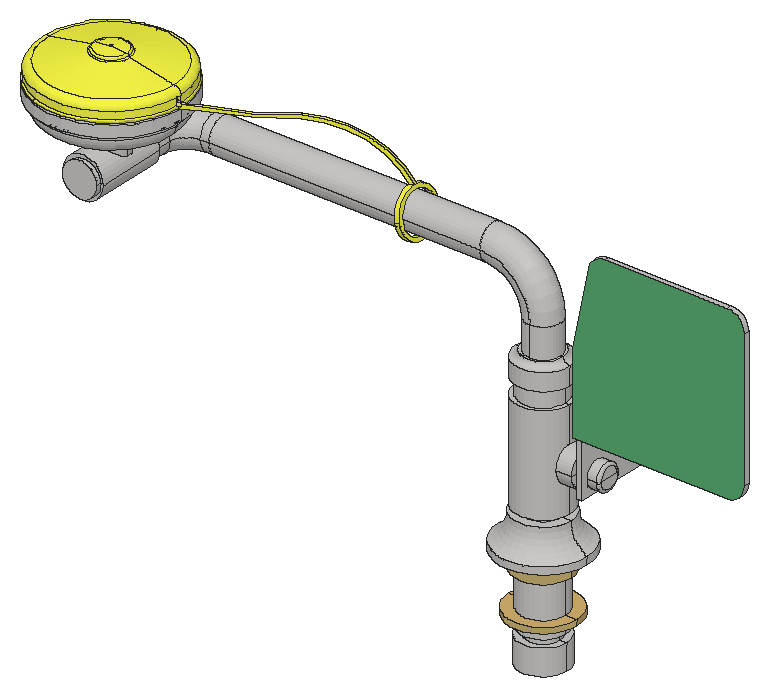
Revit family "Emergency_Equipment-Haws_Corporation-Laboratory_Eyewash_7612 new", category Plumbing Fixtures, Revit 2015
Parameters (values of type "7612")
  WFU = 1  # constant formula
  Version = "2014-v2.0a"  # constant formula
  URL = "http://www.hawsco.com/"
  Type Comments = "Lab units are installed in accessible sink locations "
  Swing Arms = Metal - Haws Corporation - High Polished Stainless Steel
  Supply Radius = 1/4"
  Series = "Twin Soft-Flo™ heads "  # constant formula
  Product Page URL = "http://www.hawsco.com/laboratory-eyewash-unit"
  Product Documentation Link = "https://www.hawsco.com/downloads/dl/file/id/15406/product/345/haws_model_7612_specsheet_pdf.pdf"
  Model = "7612"
  Metal = Metal - Haws Corporation - High Polished Stainless Steel
  Max. Thick = 1 1/8"  # constant formula
  Material = ""
  Manufacturer Email = "mailto:techsupport@hawsco.com"
  Manufacturer = "Haws Corporation"  # constant formula
  Keynote = "15400"
  Head Height = 8 3/8"  # constant formula
  HWFU = 1  # constant formula
  Flow = 6 GPM
  Duct Covers = Plastic - Haws Corporation - Yellow Dust Cover - 9091
  Description = "Dust covers allow to stay protected from debris when not in use"
  Cost Note = "For Cost information please visit the Resource tab in the Product Page URL"  # constant formula
  Cost = 0
  Copyright = "©2016 Haws"  # constant formula
  CWFU = 1  # constant formula
  Assembly Code = "D2010610"
  Arm Length = 12 1/4"  # constant formula
Reference planes (in)
  plane 1 "Center (Front/Back)": y = 0
  plane 2: z = 0
  plane 3 "Center (Left/Right)": x = 0
  plane 4: z = 1.88823
  plane 5 "Bowl": y = -1.89243
Forms (in)
  Revolve 1, solid, material "Metal - Haws Corporation - High Polished Stainless Steel" <- "Swing Arms"
    sketch origin (0, 0, 0) x (1, 0, 0) y (0, 0, 1)
      loop
        line (8, -2.25) -> (8.53125, -2.25) -> (8.53125, -1.6875) -> (8.37475, -1.6875) -> (8.37475, -1.53125) -> (8.5, -1.53125) -> (8.5, -1.28125) -> (8.75, -1.28125) -> (8.75, -1.15625) -> (8.5, -1.15625) -> (8.5, -0.37499) -> (8.625, -0.37499) -> (8.625, -0.1875) -> (8.4375, -0.1875) -> (8.4375, 0) -> (8.96875, 0) -> (8.96875, 0.15625)
        arc (8.96875, 0.15625) -> (8.70699, 0.40109) -> (8.625, 0.75) r 0.61842
        line (8.625, 0.75) -> (8.41892, 0.75) -> (8.41892, 0.875) -> (8.5935, 0.875) -> (8.5935, 3.035) -> (8.5, 3.035) -> (8.5, 3.41) -> (8.5935, 3.41) -> (8.5935, 3.78498)
        arc (8.5935, 3.78498) -> (8.49122, 3.81719) -> (8.4375, 3.91) r 0.14806
        line (8.4375, 3.91) -> (8, 3.91) -> (8, -2.25)
      axis (8, 3.91) -> (8, -2.25)
    angle from 0 to 360
  Extrusion 2, solid, material "Metal - Haws Corporation - High Polished Stainless Steel" <- "Swing Arms", detail levels fine
    sketch origin (8.0125, 8.49388, -32.36177) x (0, 1, 0) y (0, 0, 1)
      loop
        arc (-8.2604, 36.7654) -> (-8.38198, 36.84652) -> (-8.52533, 36.875) r 0.375
        line (-8.52533, 36.875) -> (-8.899, 36.875) -> (-8.899, 33.875) -> (-6.995, 33.875)
        arc (-6.995, 33.875) -> (-6.72984, 33.98483) -> (-6.62, 34.25) r 0.375
        line (-6.62, 34.25) -> (-6.62, 34.96967)
        arc (-6.62, 34.96967) -> (-6.64858, 35.11325) -> (-6.72996, 35.23496) r 0.375
        line (-6.72996, 35.23496) -> (-8.2604, 36.7654)
      loop
        circle (-6.85, 34.95) r 0.14
      loop
        circle (-6.985, 34.25) r 0.2125
      loop
        circle (-8.495, 34.25) r 0.28001
    from 1.06 to 1.165
  Extrusion 3, solid, material "Metal - Haws Corporation - High Polished Stainless Steel" <- "Swing Arms", detail levels fine
    sketch origin (22.91181, -3.00604, -32.36177) x (1, 0, 0) y (0, 0, 1)
      loop
        arc (-10.44448, 35.125) -> (-10.1791, 35.23487) -> (-10.06931, 35.50028) r 0.375
        line (-10.06931, 35.50028) -> (-10.06931, 38.49972)
        arc (-10.06931, 38.49972) -> (-10.17915, 38.76518) -> (-10.44462, 38.875) r 0.375
        line (-10.44462, 38.875) -> (-13.15183, 38.875)
        arc (-13.15183, 38.875) -> (-13.34086, 38.82368) -> (-13.47824, 38.68406) r 0.375
        line (-13.47824, 38.68406) -> (-13.83931, 36.875) -> (-13.83931, 35.125) -> (-10.44448, 35.125)
    from -2.60092 to -2.49592
  Revolve 4, solid, material "Metal - Haws Corporation - High Polished Stainless Steel" <- "Metal", detail levels fine
    sketch origin (23.01681, 8.49388, 1.88823) x (-1, 0, 0) y (0, -1, 0)
      loop
        line (14.07931, 8.116) -> (14.42411, 8.116) -> (14.42411, 8.495) -> (13.55931, 8.495) -> (13.55931, 8.27499)
        arc (13.55931, 8.27499) -> (13.57688, 8.23256) -> (13.61931, 8.21499) r 0.06
        line (13.61931, 8.21499) -> (14.02931, 8.21499) -> (14.02931, 8.295) -> (14.07931, 8.295) -> (14.07931, 8.116)
      axis (13.55931, 8.495) -> (14.42411, 8.495)
    angle from 0 to 360
  Sweep 5, solid, material "Metal - Haws Corporation - High Polished Stainless Steel" <- "Swing Arms"
    path origin (0, 0, 0) x (1, 0, 0) y (0, 0, 1)
      loop
        line (0.9375, 5.66) -> (6.89782, 5.66)
        arc (6.89782, 5.66) -> (7.67718, 5.33718) -> (8, 4.55782) r 1.10218
        line (8, 4.55782) -> (8, 3.91)
    profile origin (3.91766, 0, 5.66) x (0, 0, 1) y (0, -1, 0)
      loop
        circle (0, 0) r 0.375
  Sweep 6, solid, material "Metal - Haws Corporation - High Polished Stainless Steel" <- "Swing Arms"
    path origin (0, 0, 5.66) x (1, 0, 0) y (0, 1, 0)
      loop
        line (1.11646, 0) -> (0.75, 0)
        arc (0.75, 0) -> (0.21967, -0.21967) -> (0, -0.75) r 0.75
        line (0, -0.75) -> (0, -2.75)
    profile origin (0, -1.75, 5.66) x (1, 0, 0) y (0, 0, 1)
      loop
        circle (0, 0) r 0.375
  Extrusion 7, solid, material "Metal - Haws Corporation - High Polished Stainless Steel" <- "Swing Arms"
    sketch origin (0, -3, 0) x (-1, 0, 0) y (0, 0, 1)
      loop
        circle (0, 5.66) r 0.44621
    from 0.34281 to 1.87232
  Revolve 8, solid, material "Metal - Haws Corporation - High Polished Stainless Steel" <- "Metal", detail levels medium+fine
    sketch origin (0, -1.89243, 0) x (-1, 0, 0) y (0, 0, 1)
      loop
        arc (-0.5, 6.54371) -> (-0.41161, 6.5071) -> (-0.375, 6.41871) r 0.125
        line (-0.375, 6.41871) -> (-0.375, 5.66) -> (-0.3125, 5.66) -> (-0.3125, 6.41871)
        arc (-0.3125, 6.41871) -> (-0.36742, 6.55129) -> (-0.5, 6.60621) r 0.1875
        line (-0.5, 6.60621) -> (-1.125, 6.60621)
        arc (-1.125, 6.60621) -> (-1.30178, 6.67944) -> (-1.375, 6.85621) r 0.25
        arc (-1.375, 6.85621) -> (-1.40941, 6.96446) -> (-1.5, 7.03299) r 0.1875
        line (-1.5, 7.03299) -> (-1.5, 7.23121)
        arc (-1.5, 7.23121) -> (-1.53125, 7.26246) -> (-1.5625, 7.23121) r 0.03125
        line (-1.5625, 7.23121) -> (-1.5625, 6.98121)
        arc (-1.5625, 6.98121) -> (-1.47411, 6.9446) -> (-1.4375, 6.85621) r 0.125
        arc (-1.4375, 6.85621) -> (-1.34597, 6.63524) -> (-1.125, 6.54371) r 0.3125
        line (-1.125, 6.54371) -> (-0.5, 6.54371)
      axis (0, 5.66) -> (0, 7.23121)
    angle from 0 to 360
  Revolve 9, solid, material "Plastic - Haws Corporation - Yellow Dust Cover - 9091" <- "Duct Covers", detail levels fine
    sketch origin (0, -1.89243, 0) x (-1, 0, 0) y (0, 0, 1)
      loop
        line (0, 7.26231) -> (0, 7.32481) -> (-1.46932, 7.32481) -> (-1.46932, 7.48106)
        arc (-1.46932, 7.48106) -> (-1.43998, 7.54918) -> (-1.37033, 7.57466) r 0.09375
        line (-1.37033, 7.57466) -> (-0.39924, 7.76262)
        arc (-0.39924, 7.76262) -> (-0.34866, 7.78253) -> (-0.31763, 7.82717) r 0.09375
        line (-0.31763, 7.82717) -> (0, 7.85893) -> (0, 7.90293)
        arc (0, 7.90293) -> (-0.01368, 7.91529) -> (-0.03182, 7.91856) r 0.03357
        line (-0.03182, 7.91856) -> (-0.34432, 7.88731)
        arc (-0.34432, 7.88731) -> (-0.36641, 7.87816) -> (-0.37557, 7.85606) r 0.03125
        arc (-0.37557, 7.85606) -> (-0.38472, 7.83396) -> (-0.40682, 7.82481) r 0.03125
        line (-0.40682, 7.82481) -> (-1.37557, 7.63731)
        arc (-1.37557, 7.63731) -> (-1.48605, 7.59154) -> (-1.53182, 7.48106) r 0.15625
        line (-1.53182, 7.48106) -> (-1.53182, 7.32481)
        arc (-1.53182, 7.32481) -> (-1.56307, 7.29356) -> (-1.53182, 7.26231) r 0.03125
        line (-1.53182, 7.26231) -> (0, 7.26231)
      axis (0, 7.26231) -> (0, 7.91856)
    angle from 0 to 360
  Extrusion 10, solid, material "Plastic - Haws Corporation - Yellow Dust Cover - 9091" <- "Duct Covers", detail levels fine
    sketch origin (0.4116, 0, -0.84283) x (0, 1, 0) y (-0.156434, 0, 0.987688)
      loop
        circle (0, 5.66) r 0.44621
      loop
        circle (0, 5.66) r 0.52434
    from 5.70023 to 5.80768
  Extrusion 11, solid, material "Plastic - Haws Corporation - Yellow Dust Cover - 9091" <- "Duct Covers", detail levels fine
    sketch origin (0.18339, -2.70783, 0) x (-0.87462, -0.48481, 0) y (0, 0, 1)
      loop
        line (-1.52235, 7.27011) -> (-1.52235, 7.48821)
        arc (-1.52235, 7.48821) -> (-1.56697, 7.38559) -> (-1.67245, 7.34824) r 0.14031
        line (-1.67245, 7.34824) -> (-1.95722, 7.34824)
        arc (-1.95722, 7.34824) -> (-2.8273, 7.29474) -> (-3.69738, 7.34821) r 7.10368
        arc (-3.69738, 7.34821) -> (-4.8719, 7.02418) -> (-5.70046, 6.13089) r 2.22849
        line (-5.70046, 6.13089) -> (-5.63084, 6.09544)
        arc (-5.63084, 6.09544) -> (-4.83323, 6.95626) -> (-3.70243, 7.27011) r 2.15036
        arc (-3.70243, 7.27011) -> (-2.82743, 7.21661) -> (-1.95243, 7.27011) r 7.1818
        line (-1.95243, 7.27011) -> (-1.52235, 7.27011)
    from 0.03125 to -0.03125
Cuts and joins
  joined: Sweep 5, Sweep 6
Lines and regions (in)
  Masking region 1, detail levels medium+fine
    outline origin (0, 0, 0) x (1, 0, 0) y (0, 1, 0)
      loop
        circle (8, 0) r 0.96875
  Masking region 2, detail levels medium+fine
    outline origin (0, 0, 0) x (1, 0, 0) y (0, 1, 0)
      loop
        line (7.10799, 0.37788) -> (0.6875, 0.37788)
        arc (0.6875, 0.37788) -> (0.05936, 0.17248) -> (-0.32608, -0.36434) r 1.06319
        arc (-0.32608, -0.36434) -> (0.11575, -0.33423) -> (0.54829, -0.42929) r 1.5625
        arc (0.54829, -0.42929) -> (0.64168, -0.38777) -> (0.7429, -0.37357) r 0.36767
        line (0.7429, -0.37357) -> (7.10617, -0.37357)
        arc (7.10617, -0.37357) -> (7.03125, 0.00234) -> (7.10799, 0.37788) r 0.96875
  Masking region 3, detail levels medium+fine
    outline origin (0, 0, 0) x (1, 0, 0) y (0, 1, 0)
      loop
        circle (0, -1.89243) r 1.5625
  symbolic lines, style "Symbolic Line", detail levels coarse
    curve 1: circle (8, 0, 0) r 0.96875 normal (0, 0, 1)
    curve 2: line (7.03125, 0, 0) -> (0.60248, 0, 0)
    curve 3: line (0, -0.60248, 0) -> (0, -2.75, 0)
    curve 4: arc (0.60248, 0, 0) -> (0.17646, -0.17646, 0) -> (0, -0.60248, 0) r 0.60248
  symbolic lines, style "Symbolic Line", detail levels fine
    curve 5: line (9.0725, 1.78388, 0) -> (9.0725, -0.51012, 0)
    curve 6: line (9.0725, -0.51012, 0) -> (12.8425, -0.51012, 0)
    curve 9: circle (0, -1.89243, 0) r 0.375 normal (0, 0, 1)
    curve 10: line (9.0725, 1.87388, 0) -> (9.0725, -0.51012, 0)
    curve 11: line (9.1775, -0.40512, 0) -> (9.1775, 1.87388, 0)
    curve 12: line (9.0725, -0.51012, 0) -> (12.8425, -0.51012, 0)
    curve 13: line (12.8425, -0.40512, 0) -> (9.1775, -0.40512, 0)
    curve 14: line (12.8425, -0.40512, 0) -> (12.8425, -0.51012, 0)
    curve 15: line (9.0725, 1.87388, 0) -> (9.1775, 1.87388, 0)
    curve 16: line (8.9375, 0.27889, 0) -> (9.45879, 0.27889, 0)
    curve 17: line (8.9375, -0.28113, 0) -> (9.45879, -0.28113, 0)
    curve 18: line (9.45879, 0.27889, 0) -> (9.45879, -0.28113, 0)
    curve 19: line (4.33006, -0.37357, 0) -> (1.56243, -1.90769, 0)
    curve 20: line (4.45898, -0.37357, 0) -> (1.56002, -1.98049, 0)
  symbolic lines, style "Symbolic Line", detail levels medium+fine
    curve 7: circle (8, 0, 0) r 0.625 normal (0, 0, 1)
    curve 8: circle (0, -1.89243, 0) r 1.5625 normal (0, 0, 1)
Dimensions and locks (in)
  locked: Extrusion 7 sketch curve to plane 3 "Center (Left/Right)" at 0
  locked: Extrusion 7 sketch curve to level at 5.66
  locked: plane 1 "Center (Front/Back)" to plane 5 "Bowl" at 1.89243
  Revolve 1 sketch curve to plane 2 to Revolve 1 sketch curve = 2 1/4" locked, 3.91" locked
  Revolve 1 sketch curve to Revolve 1 sketch curve to Revolve 1 sketch curve to Revolve 1 sketch curve to plane 3 "Center (Left/Right)" = 0.06225" locked, 3/32" locked, 7/16" locked, 8" locked
  locked: plane 1 "Center (Front/Back)" to Revolve 1 sketch curve at 0
  Revolve 1 sketch curve to Revolve 1 sketch curve to Revolve 1 sketch curve to Revolve 1 sketch curve to Revolve 1 sketch curve to plane 3 "Center (Left/Right)" = 7/32" locked, 0.1565" locked, 0.5935" locked, 0" locked, 8" locked
  locked: plane 3 "Center (Left/Right)" to Extrusion 2 sketch curve at 8.0125
  Extrusion 2 sketch curve to plane 1 "Center (Front/Back)" to Extrusion 2 sketch curve = 0.40512" locked, 1.87388" locked
  Extrusion 2 sketch curve to Extrusion 2 sketch curve to plane 2 = 2.8904" locked, 1.51323" locked
  Extrusion 2 sketch curve to plane 4 to Extrusion 2 sketch curve = 2 5/8" locked, 3/8" locked
  plane 3 "Center (Left/Right)" to Extrusion 3 sketch curve to Extrusion 3 sketch curve = 9.0725" locked, 3.77" locked
  locked: Extrusion 3 sketch curve to plane 1 "Center (Front/Back)" at 3.00604
  plane 3 "Center (Left/Right)" to Extrusion 3 sketch curve to Extrusion 3 sketch curve = 9.76029" locked, 2.70721" locked
  plane 2 to Extrusion 3 sketch curve to Extrusion 3 sketch curve = 2.76323" locked, 3 3/4" locked
  Extrusion 3 sketch curve to Extrusion 3 sketch curve to plane 3 "Center (Left/Right)" = 3.77" locked, 9.0725" locked
  plane 4 to Extrusion 3 sketch curve to Extrusion 3 sketch curve to Extrusion 3 sketch curve to Extrusion 3 sketch curve to Extrusion 3 sketch curve to Extrusion 3 sketch curve to Extrusion 3 sketch curve to Extrusion 3 sketch curve = 7/8" locked, 0" locked, 3/8" locked, 1 3/8" locked, 1 5/8" locked, 0" locked, 3/8" locked, 0" locked
  Extrusion 3 sketch curve to Extrusion 3 sketch curve to plane 2 = 3 3/4" locked, 2.76323" locked
  locked: plane 5 "Bowl" to Extrusion 3 sketch curve at 1.11361
  plane 1 "Center (Front/Back)" to Extrusion 3 sketch curve to Extrusion 3 sketch curve = 3.00604" locked, 0" locked
  Extrusion 3 sketch curve to Extrusion 3 sketch curve to Extrusion 3 sketch curve to Extrusion 3 sketch curve to plane 4 = 0.19094" locked, 0.18406" locked, 3 3/8" locked, 7/8" locked
  plane 1 "Center (Front/Back)" to Revolve 4 sketch curve to Revolve 4 sketch curve to Revolve 4 sketch curve to Revolve 4 sketch curve to Revolve 4 sketch curve to Revolve 4 sketch curve = 0.19888" locked, 0.02001" locked, 0" locked, 0.06" locked, 0.09899" locked, 0" locked
  locked: Revolve 4 sketch curve to plane 5 "Bowl" at 1.89131
  plane 3 "Center (Left/Right)" to Revolve 4 sketch curve to Revolve 4 sketch curve to Revolve 4 sketch curve to Revolve 4 sketch curve to Revolve 4 sketch curve to Revolve 4 sketch curve = 7.9575" locked, 0.6352" locked, 0.3448" locked, 0.05" locked, 0.47" locked, 0.8181" locked
  locked: Revolve 4 sketch curve to plane 2 at 1.88823
  plane 5 "Bowl" to Revolve 4 sketch curve to Revolve 4 sketch curve = 1.89131" locked, 0.379" locked
  Revolve 4 sketch curve to plane 1 "Center (Front/Back)" to Revolve 4 sketch curve = 0.00112" locked, 0.37788" locked
  locked: plane 3 "Center (Left/Right)" to Sweep 5 sketch curve at 3.91766
  locked: plane 1 "Center (Front/Back)" to Sweep 5 sketch curve
  Sweep 5 sketch curve to Sweep 5 sketch curve to plane 2 = 3/8" locked, 5.285" locked
  Sweep 5 sketch curve to Sweep 5 sketch curve to plane 5 "Bowl" = 3/8" locked, 1.51743" locked
  locked: plane 2 to Sweep 5 sketch curve at 5.66
  locked: plane 4 to Sweep 5 sketch curve at 3.77177
  locked: Sweep 6 sketch curve to plane 5 "Bowl" at 0.14243
  locked: plane 3 "Center (Left/Right)" to Sweep 6 sketch curve at 0
  plane 2 to Sweep 6 sketch curve to Sweep 6 sketch curve = 5.285" locked, 3/8" locked
  Sweep 6 sketch curve to plane 3 "Center (Left/Right)" to Sweep 6 sketch curve = 3/8" locked, 0" locked
  locked: Extrusion 10 sketch curve to plane 5 "Bowl" at 1.89243  (x2)
  locked: Extrusion 10 sketch curve to plane 3 "Center (Left/Right)" at 0.47382
  locked: Extrusion 10 sketch curve to plane 2 at 4.74748
  locked: plane 1 "Center (Front/Back)" to Extrusion 10 sketch curve at 0
  Extrusion 11 sketch curve to plane 1 "Center (Front/Back)" to Extrusion 11 sketch curve = 1.96978" locked, 0.05581" locked
  plane 3 "Center (Left/Right)" to Extrusion 11 sketch curve to Extrusion 11 sketch curve = 1.51487" locked, 3.65426" locked
  Extrusion 11 sketch curve to Extrusion 11 sketch curve to Extrusion 11 sketch curve to Extrusion 11 sketch curve to plane 2 = 0.2181" locked, 1.13923" locked, 0.03545" locked, 6.09544" locked
  Extrusion 11 sketch curve to Extrusion 11 sketch curve to Extrusion 11 sketch curve to Extrusion 11 sketch curve to plane 3 "Center (Left/Right)" = 0.06089" locked, 1.67602" locked, 1.91735" locked, 1.51487" locked
  Extrusion 11 sketch curve to Extrusion 11 sketch curve to plane 1 "Center (Front/Back)" to Extrusion 11 sketch curve to Extrusion 11 sketch curve = 0.03375" locked, 0.02205" locked, 1.96978" locked, 0" locked
  Extrusion 11 sketch curve to Extrusion 11 sketch curve to plane 5 "Bowl" to Extrusion 11 sketch curve to Extrusion 11 sketch curve = 0.03375" locked, 1.91449" locked, 0.07735" locked, 0" locked
  aligned and locked: Revolve 9 sketch curve to plane 3 "Center (Left/Right)"
  aligned and locked: Revolve 9 sketch curve to Revolve 9 sketch curve  (x2)
Connectors (in)
  piping at (8, 0, -2.25), diameter 0.5, driven by "Supply Radius", driven by "Flow"
    settings: on Revolve 1, index 1, connector inside diameter 1/2", connector length 0", flow factor 0, pipe flow 6 GPM, pressure drop 0.00 psi, fitting loss kfactor 0, connector angle 0.00°, fixture units 0, engagement length 0", angle of deflection 0.00°, flow configuration 0, flow direction 1, fitting loss method 0, system type 20, joint type 0, gender type 0, connector reference index -1, connector utility 0, adjustable connector no, is connector primary yes, connector description "1/2\" IPS with 30-90 psi"
